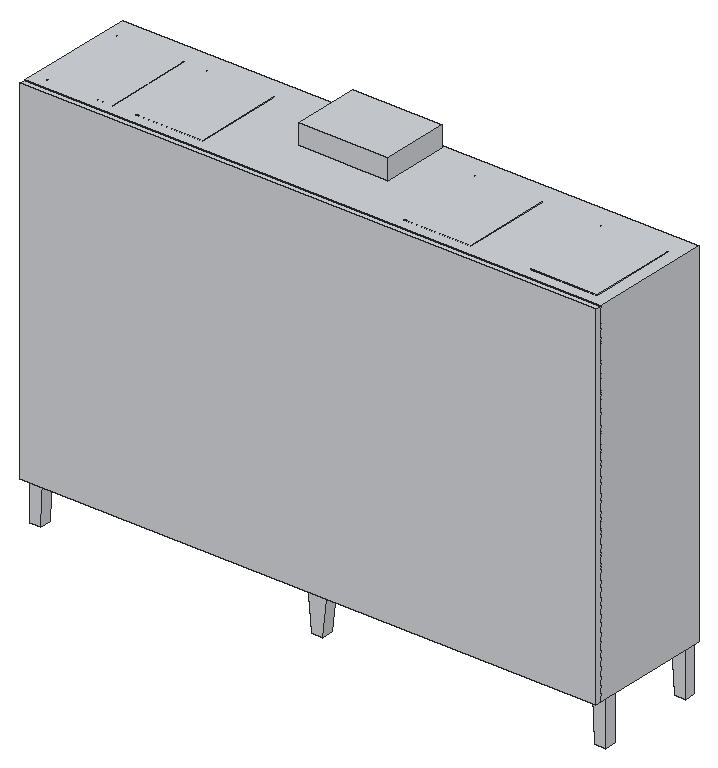
Revit family "AHU 2 _2", category Mechanické zařízení, Revit 2018
Family settings
  Kóta kulaté spojky = Použít průměr
  Typ dílu = Normální
  Číslo OmniClass = 23.75.00.00
  Nadpis OmniClass = Climate Control (HVAC)
  Založené na pracovní rovině = Ne
  Vždy vertikální = Ano
  Ořezat dutým tvarem při načtení = Ne
  Sdílené = Ne
  Bod výpočtu místnosti = Ne
Parameters (values of type "DUPLEXVENT 2500 Multi-V")
  Width [instance] = 0.58 mm
  Weight [instance] = 397.00 kg
  URL = ""
  Type [instance] = "DUPLEXVENT 2500 Multi-V"
  Total_SFP [instance] = 0
  Supply_outlet_hum [instance] = 90
  Supply_inlet_hum [instance] = 90
  Supply_ext_pressure [instance] = 0.0 Pa
  Supply_SFP [instance] = 0
  Source_adu_file [instance] = ""
  Recuperation_type [instance] = "Plate heat recovery exchanger"
  Recuperation_efficiency_EN308 [instance] = 0
  Project_name [instance] = ""
  Project_date [instance] = "9.8.2023"
  Power_supply_fusing [instance] = "0"
  Power_supply_cable [instance] = "0"
  Position [instance] = "AHU 2 "
  Phases_count [instance] = 3
  Panel_thickness [instance] = 0.06 mm
  Outer_surface [instance] = "RAL 9002"
  Length [instance] = 2.6 mm
  Insulation_type [instance] = "PUR"
  Insulation_thickness [instance] = 0.05 mm
  Installation_environment [instance] = ""
  Input_power_max [instance] = 5000 W
  Inner_surface [instance] = "Pozink"
  I2 [instance] = I1  # 0.0 L/s
  Height [instance] = 1.6 mm
  Exhaust_outlet_hum [instance] = 40
  Exhaust_inlet_hum [instance] = 40
  Exhaust_ext_pressure [instance] = 0.0 Pa
  Exhaust_SFP [instance] = 0
  E1 [instance] = E2 - M1  # 0.0 L/s
  E2 [instance] = 0.0 L/s
  I1 [instance] = 0.0 L/s
  Description = ""
  M1 [instance] = 0.0 L/s
  Device_dutypoint_version [instance] = "0"
  Device_design_version [instance] = "9"
  Device_adu_id [instance] = "2"
  Current_max [instance] = 8 A
  Casing_mat [instance] = "painted zinc layer"
  Cable type [instance] = "CYKY 5Jx2,5"
Reference planes
  plane 1 "Střed (vpředu/vzadu)": y = 0
  plane 2 "ref": z = 0
  plane 3 "Střed (vlevo/vpravo)": x = 0
Forms (mm)
  Sweep 1, solid
    path origin (0, 0, 0) x (0, 0, 1) y (1, 0, 0)
      loop
        line (0, 0) -> (1600, 0)
    profile origin (0, 0, 0) x (1, 0, 0) y (0, 1, 0)
      loop
        line (0, 0) -> (2600, 0) -> (2600, 550) -> (0, 550) -> (0, 0)
  Sweep 2, solid
    path origin (610, 250, 1599) x (0, 0, 1) y (1, 0, 0)
      loop
        line (0, 0) -> (1, 0)
    profile origin (610, 250, 1599) x (1, 0, 0) y (0, 1, 0)
      loop
        line (-150, -200) -> (150, -200) -> (150, 200) -> (-150, 200) -> (-150, -200)
  Sweep 3, solid
    path origin (2390, 250, 1599) x (0, 0, 1) y (1, 0, 0)
      loop
        line (0, 0) -> (1, 0)
    profile origin (2390, 250, 1599) x (1, 0, 0) y (0, 1, 0)
      loop
        line (-150, -200) -> (150, -200) -> (150, 200) -> (-150, 200) -> (-150, -200)
  Sweep 4, solid
    path origin (1820, 250, 1599) x (0, 0, 1) y (1, 0, 0)
      loop
        line (0, 0) -> (1, 0)
    profile origin (1820, 250, 1599) x (1, 0, 0) y (0, 1, 0)
      loop
        line (-150, -200) -> (150, -200) -> (150, 200) -> (-150, 200) -> (-150, -200)
  Sweep 5, solid
    path origin (205, 250, 1599) x (0, 0, 1) y (1, 0, 0)
      loop
        line (0, 0) -> (1, 0)
    profile origin (205, 250, 1599) x (1, 0, 0) y (0, 1, 0)
      loop
        line (-150, -200) -> (150, -200) -> (150, 200) -> (-150, 200) -> (-150, -200)
  Sweep 6, solid
    path origin (1150, 262, 0) x (0, -1, 0) y (0, 0, 1)
      loop
        line (0, 0) -> (0, -142)
    profile origin (1150, 262, 0) x (-1, 0, 0) y (0, -1, 0)
      loop
        circle (0, 0) r 8
  Sweep 7, solid
    path origin (1158, 262, -150) x (0, 0, -1) y (1, 0, 0)
      loop
        line (0, 0) -> (0, 14)
    profile origin (1158, 262, -150) x (0, 0, 1) y (0, -1, 0)
      loop
        circle (0, 0) r 8
  Sweep 8, solid
    path origin (1180, 262, -142) x (0, -1, 0) y (0, 0, 1)
      loop
        line (0, 0) -> (0, 59)
    profile origin (1180, 262, -142) x (0, 1, 0) y (-1, 0, 0)
      loop
        circle (0, 0) r 8
  Sweep 9, solid
    path origin (1188, 262, -75) x (0, 0, -1) y (1, 0, 0)
      loop
        line (0, 0) -> (0, 22)
    profile origin (1188, 262, -75) x (0, 0, 1) y (0, -1, 0)
      loop
        circle (0, 0) r 8
  Sweep 10, solid
    path origin (1625, 262, 0) x (0, -1, 0) y (0, 0, 1)
      loop
        line (0, 0) -> (0, -142)
    profile origin (1625, 262, 0) x (-1, 0, 0) y (0, -1, 0)
      loop
        circle (0, 0) r 8
  Sweep 11, solid
    path origin (1633, 262, -150) x (0, 0, -1) y (1, 0, 0)
      loop
        line (0, 0) -> (0, 14)
    profile origin (1633, 262, -150) x (0, 0, 1) y (0, -1, 0)
      loop
        circle (0, 0) r 8
  Sweep 12, solid
    path origin (1655, 262, -142) x (0, -1, 0) y (0, 0, 1)
      loop
        line (0, 0) -> (0, 59)
    profile origin (1655, 262, -142) x (0, 1, 0) y (-1, 0, 0)
      loop
        circle (0, 0) r 8
  Sweep 13, solid
    path origin (1663, 262, -75) x (0, 0, -1) y (1, 0, 0)
      loop
        line (0, 0) -> (0, 22)
    profile origin (1663, 262, -75) x (0, 0, 1) y (0, -1, 0)
      loop
        circle (0, 0) r 8
  Sweep 14, solid
    path origin (0, 0, 0) x (0, 0, 1) y (1, 0, 0)
      loop
        line (0, 0) -> (1600, 0)
    profile origin (0, 0, 0) x (1, 0, 0) y (0, 1, 0)
      loop
        line (0, -30) -> (2600, -30) -> (2600, -5) -> (0, -5) -> (0, -30)
  Sweep 15, solid
    path origin (25, 75, 0) x (1, 0, 0) y (0, 1, 0)
      loop
        line (0, 0) -> (0, -50)
    profile origin (25, 75, 0) x (1, 0, 0) y (0, 0, 1)
      loop
        line (-25, 0) -> (-25, -200) -> (25, -200) -> (35, 0) -> (-25, 0)
  Sweep 16, solid
    path origin (2575, 75, 0) x (1, 0, 0) y (0, 1, 0)
      loop
        line (0, 0) -> (0, -50)
    profile origin (2575, 75, 0) x (1, 0, 0) y (0, 0, 1)
      loop
        line (-35, 0) -> (-25, -200) -> (25, -200) -> (25, 0) -> (-35, 0)
  Sweep 17, solid
    path origin (25, 525, 0) x (1, 0, 0) y (0, 1, 0)
      loop
        line (0, 0) -> (0, -50)
    profile origin (25, 525, 0) x (1, 0, 0) y (0, 0, 1)
      loop
        line (-25, 0) -> (-25, -200) -> (25, -200) -> (35, 0) -> (-25, 0)
  Sweep 18, solid
    path origin (2575, 525, 0) x (1, 0, 0) y (0, 1, 0)
      loop
        line (0, 0) -> (0, -50)
    profile origin (2575, 525, 0) x (1, 0, 0) y (0, 0, 1)
      loop
        line (-35, 0) -> (-25, -200) -> (25, -200) -> (25, 0) -> (-35, 0)
  Sweep 19, solid
    path origin (1300, 75, 0) x (1, 0, 0) y (0, 1, 0)
      loop
        line (0, 0) -> (0, -50)
    profile origin (1300, 75, 0) x (1, 0, 0) y (0, 0, 1)
      loop
        line (-45, 0) -> (-25, -200) -> (25, -200) -> (45, 0) -> (-45, 0)
  Sweep 20, solid
    path origin (1300, 525, 0) x (1, 0, 0) y (0, 1, 0)
      loop
        line (0, 0) -> (0, -50)
    profile origin (1300, 525, 0) x (1, 0, 0) y (0, 0, 1)
      loop
        line (-45, 0) -> (-25, -200) -> (25, -200) -> (45, 0) -> (-45, 0)
  Sweep 21, solid
    path origin (0, 0, 1600) x (0, 0, 1) y (1, 0, 0)
      loop
        line (0, 0) -> (90, 0)
    profile origin (0, 0, 1600) x (1, 0, 0) y (0, 1, 0)
      loop
        line (1045, 235) -> (1450, 235) -> (1450, 540) -> (1045, 540) -> (1045, 235)
  Sweep 22, solid
    path origin (1045, 388, 1645) x (0, 0, -1) y (1, 0, 0)
      loop
        line (0, 0) -> (0, -1)
    profile origin (1045, 388, 1645) x (0, 0, -1) y (0, -1, 0)
      loop
        circle (0, 0) r 10
Lines and regions (mm)
  model lines, style "Symbol"
    curve 1: line (1300, -30, 1600) -> (1300, -30, 960)
    curve 2: line (650, -30, 1600) -> (650, -30, 480)
    curve 3: line (650, -30, 480) -> (820, -30, 480)
    curve 4: line (1950, -30, 1600) -> (1950, -30, 480)
    curve 5: line (1950, -30, 480) -> (1780, -30, 480)
    curve 6: line (820, -30, 480) -> (1060, -30, 960)
    curve 7: line (1060, -30, 960) -> (1540, -30, 960)
    curve 8: line (1540, -30, 960) -> (1780, -30, 480)
    curve 9: line (1780, -30, 480) -> (1540, -30, 0)
    curve 10: line (1540, -30, 0) -> (1300, -30, 0)
    curve 11: line (1300, -30, 0) -> (1060, -30, 0)
    curve 12: line (1060, -30, 0) -> (820, -30, 480)
    curve 13: line (2133, -30, 1140) -> (2187, -30, 1460)
    curve 14: line (2417, -30, 1140) -> (2363, -30, 1460)
    curve 15: line (183, -30, 1140) -> (237, -30, 1460)
    curve 16: line (467, -30, 1140) -> (413, -30, 1460)
    curve 17: line (715, -30, 1280) -> (1235, -30, 1280)
    curve 18: line (1235, -30, 1280) -> (1235, -30, 1120)
    curve 19: line (1235, -30, 1120) -> (715, -30, 1120)
    curve 20: line (715, -30, 1120) -> (715, -30, 1280)
    curve 21: line (715, -30, 1200) -> (975, -30, 1120)
    curve 22: line (1235, -30, 1200) -> (975, -30, 1120)
    curve 23: line (1365, -30, 1280) -> (1885, -30, 1280)
    curve 24: line (1885, -30, 1280) -> (1885, -30, 1120)
    curve 25: line (1885, -30, 1120) -> (1365, -30, 1120)
    curve 26: line (1365, -30, 1120) -> (1365, -30, 1280)
    curve 27: line (1365, -30, 1200) -> (1625, -30, 1120)
    curve 28: line (1885, -30, 1200) -> (1625, -30, 1120)
    curve 29: line (701, -30, 552) -> (919, -30, 979)
    curve 30: line (919, -30, 979) -> (1035, -30, 920)
    curve 31: line (1035, -30, 920) -> (817, -30, 493)
    curve 32: line (817, -30, 493) -> (701, -30, 552)
    curve 33: line (842, -30, 799) -> (982, -30, 844)
    curve 34: line (754, -30, 628) -> (894, -30, 673)
    curve 35: line (0, 550, -200) -> (0, 550, 0)
    curve 36: line (2600, 550, -200) -> (2600, 550, 0)
    curve 37: line (0, 550, -200) -> (2600, 550, -200)
    curve 38: line (0, 0, -200) -> (0, 0, 0)
    curve 39: line (2600, 0, -200) -> (2600, 0, 0)
    curve 40: line (0, 0, -200) -> (2600, 0, -200)
    curve 41: line (0, 550, -200) -> (0, 0, -200)
    curve 42: line (2600, 550, -200) -> (2600, 0, -200)
    curve 43: line (0, 200, -200) -> (200, 0, -200)
    curve 44: line (0, 400, -200) -> (400, 0, -200)
    curve 45: line (50, 550, -200) -> (600, 0, -200)
    curve 46: line (250, 550, -200) -> (800, 0, -200)
    curve 47: line (450, 550, -200) -> (1000, 0, -200)
    curve 48: line (650, 550, -200) -> (1200, 0, -200)
    curve 49: line (850, 550, -200) -> (1400, 0, -200)
    curve 50: line (1050, 550, -200) -> (1600, 0, -200)
    curve 51: line (1250, 550, -200) -> (1800, 0, -200)
    curve 52: line (1450, 550, -200) -> (2000, 0, -200)
    curve 53: line (1650, 550, -200) -> (2200, 0, -200)
    curve 54: line (1850, 550, -200) -> (2400, 0, -200)
    curve 55: line (2050, 550, -200) -> (2600, 0, -200)
    curve 56: line (2250, 550, -200) -> (2600, 200, -200)
    curve 57: line (2450, 550, -200) -> (2600, 400, -200)
    curve 58: line (2600, 200, -200) -> (2600, 0, 0)
    curve 59: line (2600, 400, -200) -> (2600, 200, 0)
    curve 60: line (2600, 550, -150) -> (2600, 400, 0)
    curve 61: line (0, 0, 0) -> (200, 0, -200)
    curve 62: line (200, 0, 0) -> (400, 0, -200)
    curve 63: line (400, 0, 0) -> (600, 0, -200)
    curve 64: line (600, 0, 0) -> (800, 0, -200)
    curve 65: line (800, 0, 0) -> (1000, 0, -200)
    curve 66: line (1000, 0, 0) -> (1200, 0, -200)
    curve 67: line (1200, 0, 0) -> (1400, 0, -200)
    curve 68: line (1400, 0, 0) -> (1600, 0, -200)
    curve 69: line (1600, 0, 0) -> (1800, 0, -200)
    curve 70: line (1800, 0, 0) -> (2000, 0, -200)
    curve 71: line (2000, 0, 0) -> (2200, 0, -200)
    curve 72: line (2200, 0, 0) -> (2400, 0, -200)
    curve 73: line (2400, 0, 0) -> (2600, 0, -200)
    curve 74: line (0, 0, 2180) -> (0, 0, 1600)
    curve 75: line (2600, 0, 2180) -> (2600, 0, 1600)
    curve 76: line (0, 0, 2180) -> (2600, 0, 2180)
    curve 77: line (0, 550, 2180) -> (0, 550, 1600)
    curve 78: line (2600, 550, 2180) -> (2600, 550, 1600)
    curve 79: line (0, 550, 2180) -> (2600, 550, 2180)
    curve 80: line (0, 0, 2180) -> (0, 550, 2180)
    curve 81: line (2600, 0, 2180) -> (2600, 550, 2180)
    curve 82: line (0, 350, 2180) -> (200, 550, 2180)
    curve 83: line (0, 150, 2180) -> (400, 550, 2180)
    curve 84: line (50, 0, 2180) -> (600, 550, 2180)
    curve 85: line (250, 0, 2180) -> (800, 550, 2180)
    curve 86: line (450, 0, 2180) -> (1000, 550, 2180)
    curve 87: line (650, 0, 2180) -> (1200, 550, 2180)
    curve 88: line (850, 0, 2180) -> (1400, 550, 2180)
    curve 89: line (1050, 0, 2180) -> (1600, 550, 2180)
    curve 90: line (1250, 0, 2180) -> (1800, 550, 2180)
    curve 91: line (1450, 0, 2180) -> (2000, 550, 2180)
    curve 92: line (1650, 0, 2180) -> (2200, 550, 2180)
    curve 93: line (1850, 0, 2180) -> (2400, 550, 2180)
    curve 94: line (2050, 0, 2180) -> (2600, 550, 2180)
    curve 95: line (2250, 0, 2180) -> (2600, 350, 2180)
    curve 96: line (2450, 0, 2180) -> (2600, 150, 2180)
    curve 97: line (2600, 350, 2180) -> (2600, 550, 1980)
    curve 98: line (2600, 150, 2180) -> (2600, 550, 1780)
    curve 99: line (2600, 0, 2130) -> (2600, 530, 1600)
    curve 100: line (2600, 0, 1930) -> (2600, 330, 1600)
    curve 101: line (2600, 0, 1730) -> (2600, 130, 1600)
    curve 102: line (0, 550, 1980) -> (200, 550, 2180)
    curve 103: line (0, 550, 1780) -> (400, 550, 2180)
    curve 104: line (20, 550, 1600) -> (600, 550, 2180)
    curve 105: line (220, 550, 1600) -> (800, 550, 2180)
    curve 106: line (420, 550, 1600) -> (1000, 550, 2180)
    curve 107: line (620, 550, 1600) -> (1200, 550, 2180)
    curve 108: line (820, 550, 1600) -> (1400, 550, 2180)
    curve 109: line (1020, 550, 1600) -> (1600, 550, 2180)
    curve 110: line (1220, 550, 1600) -> (1800, 550, 2180)
    curve 111: line (1420, 550, 1600) -> (2000, 550, 2180)
    curve 112: line (1620, 550, 1600) -> (2200, 550, 2180)
    curve 113: line (1820, 550, 1600) -> (2400, 550, 2180)
    curve 114: line (2020, 550, 1600) -> (2600, 550, 2180)
    curve 115: line (2220, 550, 1600) -> (2600, 550, 1980)
    curve 116: line (2420, 550, 1600) -> (2600, 550, 1780)
    curve 117: line (0, -30, 0) -> (0, -30, 1600)
    curve 118: line (0, -30, 1600) -> (1120, -30, 1600)
    curve 119: line (1120, -30, 1600) -> (1120, -30, 0)
    curve 120: line (1120, -30, 0) -> (0, -30, 0)
    curve 121: line (1480, -30, 0) -> (1480, -30, 1600)
    curve 122: line (1480, -30, 1600) -> (2600, -30, 1600)
    curve 123: line (2600, -30, 1600) -> (2600, -30, 0)
    curve 124: line (2600, -30, 0) -> (1480, -30, 0)
    curve 125: line (0, -30, 0) -> (2600, -30, 0)
    curve 126: line (0, -30, 1600) -> (2600, -30, 1600)
    curve 127: line (0, -30, 0) -> (0, -30, 1600)
    curve 128: line (2600, -30, 0) -> (2600, -30, 1600)
    curve 129: line (0, -30, 0) -> (0, -5, 0)
    curve 130: line (2600, -30, 0) -> (2600, -5, 0)
    curve 131: line (0, -30, 1600) -> (0, -5, 1600)
    curve 132: line (2600, -30, 1600) -> (2600, -5, 1600)
    curve 133: circle (2275, -30, 1280) r 200 normal (0, -1, 0)
    curve 134: circle (325, -30, 1280) r 200 normal (0, -1, 0)
    curve 135: circle (912, -30, 822) r 20 normal (0, -1, 0)
    curve 136: circle (824, -30, 650) r 20 normal (0, -1, 0)
    curve 137: circle (1150, 262, 0) r 8 normal (0, 0, -1)
    curve 138: circle (1150, 262, -142) r 8 normal (0, 0, -1)
    curve 139: circle (1625, 262, 0) r 8 normal (0, 0, -1)
    curve 140: circle (1625, 262, -142) r 8 normal (0, 0, -1)
Dimensions and locks
  aligned and locked: level to plane 2 "ref"
Connectors
  hvac at (610, 250, 1600), driven by "E1"
    settings: on Sweep 2, index 1, duct flow 0.0 L/s, flow factor 0, pres drop 0.0 Pa, loss coef 0, conn angle 0.00°, conn width 400 mm, conn height 300 mm, conn diameter 609.6 mm, duct sys type 1, conn prof type 1, flow config 1, flow direction 1, loss method 0, conn ref index -1, conn util no, is conn primary yes, conn desc ""
  hvac at (2390, 250, 1600), driven by "E2"
    settings: on Sweep 3, index 2, duct flow 0.0 L/s, flow factor 1, pres drop 0.0 Pa, loss coef 0, conn angle 0.00°, conn width 400 mm, conn height 300 mm, conn diameter 609.6 mm, duct sys type 1, conn prof type 1, flow config 2, flow direction 2, loss method 0, conn ref index -1, conn util no, is conn primary no, conn desc ""
  hvac at (1820, 250, 1600), driven by "I1"
    settings: on Sweep 4, index 3, duct flow 0.0 L/s, flow factor 1, pres drop 0.0 Pa, loss coef 0, conn angle 0.00°, conn width 400 mm, conn height 300 mm, conn diameter 609.6 mm, duct sys type 3, conn prof type 1, flow config 2, flow direction 1, loss method 0, conn ref index -1, conn util no, is conn primary no, conn desc ""
  hvac at (205, 250, 1600), driven by "I2"
    settings: on Sweep 5, index 4, duct flow 0.0 L/s, flow factor 0, pres drop 0.0 Pa, loss coef 0, conn angle 0.00°, conn width 400 mm, conn height 300 mm, conn diameter 609.6 mm, duct sys type 3, conn prof type 1, flow config 1, flow direction 2, loss method 0, conn ref index -1, conn util no, is conn primary no, conn desc ""
  piping at (1210, 262, -75), diameter 40
    settings: on Sweep 9, index 5, connector inside diameter 609.6 mm, connector length 0 mm, flow factor 0, pipe flow 0.0 L/s, pressure drop 0.0 Pa, fitting loss kfactor 0, connector angle 0.00°, fixture units 0, engagement length 0 mm, angle of deflection 0.00°, flow configuration 1, flow direction 2, fitting loss method 0, system type 16, joint type 0, gender type 0, connector reference index -1, connector utility 0, adjustable connector no, is connector primary yes, connector description ""
  piping at (1685, 262, -75), diameter 40
    settings: on Sweep 13, index 6, connector inside diameter 609.6 mm, connector length 0 mm, flow factor 0, pipe flow 0.0 L/s, pressure drop 0.0 Pa, fitting loss kfactor 0, connector angle 0.00°, fixture units 0, engagement length 0 mm, angle of deflection 0.00°, flow configuration 1, flow direction 2, fitting loss method 0, system type 16, joint type 0, gender type 0, connector reference index -1, connector utility 0, adjustable connector no, is connector primary no, connector description ""
  electrical at (1044, 388, 1645)
    settings: on Sweep 22, index 7, voltage 400 V, apparent load 0 VA, apparent load phase1 0 VA, apparent load phase2 0 VA, apparent load phase3 0 VA, power factor 1, load classification "Další", number of poles 3, system type 31, power factor state 1, is connector primary yes, connector utility no, sub classification motor no, connector description ""
